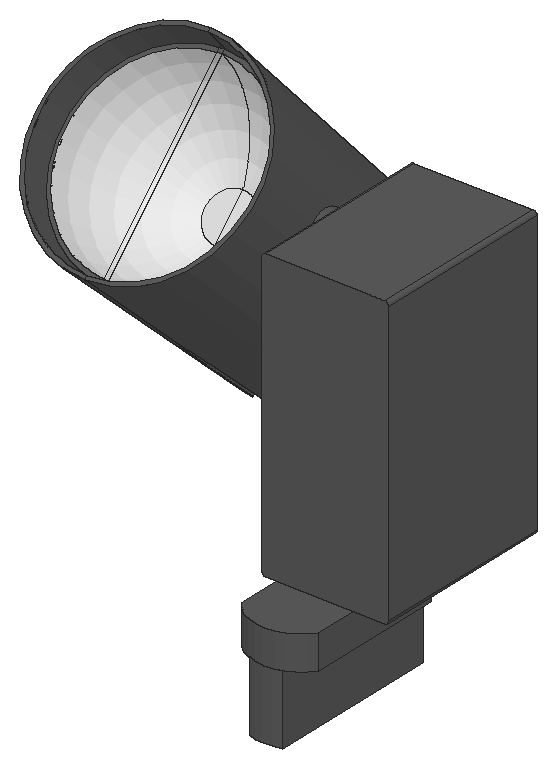
Revit family "0004895 Feilo Sylvania Lighting Fixture START TRACK SPOT S 14W 4K RA90 NB BLACK", category Lighting Fixtures, host Face, Revit 2017
Family settings
  Host = Face
  Round Connector Dimension = Use Diameter
  Part Type = Normal
  OmniClass Number = 23.80.70.00
  OmniClass Title = Lighting
  Cut with Voids When Loaded = No
  Light Source = No
  Shared = No
  Room Calculation Point = No
Parameters (values of type "0004895 START TRACK SPOT S 14W 4K RA90 NB BLACK")
  Weight = "0.94 kg"
  Wattage Comments = ""
  WarrantyStartDate [instance] = "n/a"
  WarrantyGuarantorParts = "n/a"
  WarrantyDurationUnit = "n/a"
  WarrantyDurationParts = "n/a"
  WarrantyDescription = "n/a"
  Voltage = 230 V
  URL = "http://www.sylvania-lighting.com"
  TypeName = "START TRACK SPOT S 14W 4K RA90 NB BLACK"
  TypeHead_FEILO = Start Track Spot Head : 0004895 START TRACK SPOT S 14W 4K RA90 NB BLACK
  TypeBox_FEILO = Start Track Spot Box : Type Small Black
  Type Image = <None>
  Type Comments = "n/a"
  VerticalRotation_FEILO [instance] = 0.00°
  SlideEndAngle_FEILO [instance] = VerticalRotation_FEILO + 180.00°  # 180.00°
  SerialNumber [instance] = "n/a"
  Material_3_FEILO = none
  PowerFactor = 0.92
  PowerConsumption = "14 W"
  NominalLength = 0 mm
  NominalHeight = 200 mm
  NominalDepth = 140 mm
  Name = "START TRACK SPOT S 14W 4K RA90 NB BLACK"
  ModelReference = Name  # "START TRACK SPOT S 14W 4K RA90 NB BLACK"
  ModelNumber = "0004895"
  Model = Name  # "START TRACK SPOT S 14W 4K RA90 NB BLACK"
  Material = "adc12 aluminium housing, polycarbonate diffuser"
  ManufacturerName = "Feilo Sylvania"
  Manufacturer = "Feilo Sylvania"
  LuminousEfficacy = "96 lm/W"
  LuminaireType = ""
  LightOutputRatio = "100"
  LampsType = Lamp  # "LED"
  LampNominalLuminous = "1349 lm"
  LampMacAdamStep = "3"
  LampColourTemperature = "4000 K"
  LampColourRenderingIndex = "90"
  Lamp = "LED"
  Keynote = "16500"
  InstallationDate [instance] = "n/a"
  InputVoltage = "230-240V~"
  InputNominalFrequency = "50/60 Hz"
  IngressProtection = "IP20"
  ImpactProtectionIndex = "IK02"
  IfcExportType = "IfcLightFixtureType"
  IfcExportAs = "IfcLightFixtureType"
  HorizontalRotation_FEILO [instance] = 45.00°
  ExpectedLife = 50000
  ElectricShockClassification = "Class II"
  DurationUnit = "hours"
  DocumentationLiterature = "http://www.sylvania-lighting.com/product/en-int/products/0004895"
  DimmingControlOptions = "Non dimmable"
  Material_2_FEILO = none
  Description = "Integrated LED spotlight, Textured Black - RAL9005, compact and minimalist design, ideal for retail applications, die-cast aluminium body, passive cooling heatsink. Beam angle: 12°, color temperature: 4000K , total system power: 14W, total fixture output: 1349 lm, LOR: 100%, colour rendering: Ra: 90 typical, LED Chromaticity: 3 step MacAdam ellipse, lifetime: >50000 hours at L70B50, energy class: A++, A+, A, IR/UV free light source without heat radiation, operating voltage: 220-240V / 50-60Hz, drive current: 350mA, electronic driver, non-dimmable, power factor: 0.92, electrical protection: Class II, Global Track 3 Phase adapter suitable for Global trac 3-circuit tracks, ingress protection rating: IP20, suitable for internal environment only, horizontal rotation: 355°, vertical tilt: 90°, dimensions: Ø86x140x200, weight: 0.940kg."
  Default Elevation = 1219.2 mm
  CreatedOn = "12/12/2017"
  CreatedBy = ""
  Cost = 0
  built-in parameter 1114216 [instance] = (empty or 0)
  ClassificationValue = "EF_70_80"
  ClassificationName = "Uniclass2015"
  Material_1_FEILO = Body-Sylvania-StartTrackSpot-Black
  BarCode [instance] = "n/a"
  AssetType = "Fixed"
  AssetIdentifier [instance] = "n/a"
  Assembly Code = "D5020200"
  Apparent Load = 14 VA
  Material_4_FEILO = none
Reference planes
  plane 1 "Center (Front/Back)": y = 0
  plane 2: z = 0
  plane 3 "Center (Left/Right)": x = 0
  plane 4: x = 15
  plane 5: x = -15
  plane 6: y = 35
  plane 7: y = -35
  plane 8: z = 13
  plane 9: z = -27
  plane 10: x = 6.5
  plane 11: x = -6.5
  plane 12: y = 27
  plane 13: y = -27
  plane 14: y = 20
Forms (mm)
  Extrusion 1, solid, material "Body-Sylvania-StartTrackSpot-Black" <- "Material_1_FEILO"
    sketch origin (0, 0, 0) x (1, 0, 0) y (0, 1, 0)
      loop
        line (-15, 27) -> (-15, -27)
        arc (-15, -27) -> (0, -35) -> (15, -27) r 18.062
        line (15, -27) -> (15, 27)
        arc (15, 27) -> (0, 35) -> (-15, 27) r 18.062
    from 0 to 13
  Extrusion 2, solid, material "Body-Sylvania-StartTrackSpot-Black" <- "Material_1_FEILO"
    sketch origin (0, 0, 0) x (1, 0, 0) y (0, 1, 0)
      loop
        arc (6.5, 33.79) -> (0, 35) -> (-6.5, 33.79) r 18.062
        line (-6.5, 33.79) -> (-6.5, -33.79)
        arc (-6.5, -33.79) -> (0, -35) -> (6.5, -33.79) r 18.062
        line (6.5, -33.79) -> (6.5, 33.79)
    from 0 to -27
  Revolve 3, solid, not visible
    sketch origin (1524, 20, 1219.2) x (1, 0, 0) y (0, 0, 1)
      loop
        line (-1524, -1206.2) -> (-1524, -1191.285) -> (-1530.5, -1191.285) -> (-1530.5, -1206.2) -> (-1524, -1206.2)
      axis (-1524, -1191.285) -> (-1524, -1206.2)
    angle from 0 <- "VerticalRotation_FEILO" to 180 <- "SlideEndAngle_FEILO"
Cuts and joins
  joined: Extrusion 1, Extrusion 2
Dimensions and locks
  equal spacing: plane 10, plane 3 "Center (Left/Right)", plane 11
  equal spacing: plane 4, plane 3 "Center (Left/Right)", plane 5
  locked: plane 8 to plane 2 at 13
  locked: plane 8 to plane 9 at 40
  equal spacing: plane 13, plane 1 "Center (Front/Back)", plane 12
  locked: plane 12 to plane 6 at 8
  locked: plane 14 to plane 6 at 15
  locked: Revolve 3 sketch curve to plane 8 at 14.915
  aligned and locked: plane 2 to host face
  aligned and locked: level to host face
  aligned and locked: plane 5 to Extrusion 1 sketch curve  (x2)
  aligned and locked: plane 12 to Extrusion 1 sketch curve
  aligned and locked: plane 13 to Extrusion 1 sketch curve
  aligned and locked: plane 4 to Extrusion 1 sketch curve
  aligned and locked: Extrusion 1 to plane 8
  aligned and locked: Extrusion 1 to level
  aligned and locked: Extrusion 2 sketch curve to Extrusion 1  (x2)
  aligned and locked: Extrusion 2 sketch curve to plane 11
  aligned and locked: plane 10 to Extrusion 2 sketch curve
  aligned and locked: plane 9 to Extrusion 2
  aligned and locked: level to Extrusion 2
  aligned and locked: Revolve 3 sketch curve to plane 3 "Center (Left/Right)"  (x2)
  aligned and locked: plane 11 to Revolve 3 sketch curve
  aligned and locked: Revolve 3 sketch curve to plane 8
Automatic sketch dimensions
  host sketch curve to host sketch curve = 2438.4 mm  (x2)
  Extrusion 1 sketch curve to plane 3 "Center (Left/Right)" = 0 mm  (x2)
  Extrusion 1 sketch curve to plane 13 = 10.062 mm
  plane 12 to Extrusion 1 sketch curve = 10.062 mm
  Revolve 3 sketch curve to plane 3 "Center (Left/Right)" = 0 mm
  plane 9 to Revolve 3 sketch curve = 582.6 mm
  Revolve 3 sketch curve to Revolve 3 sketch curve = 2581.144 mm
Nested families
  nested 1: "Start Track Spot Head" at (-62, 20, 112.529) x (0, 0.7071, 0.7071) z (0, 0.7071, -0.7071), type <- "TypeHead_FEILO", type "0004895 START TRACK SPOT S 14W 4K RA90 NB BLACK"
    with built-in parameter 1114216 (empty or 0)
  nested 2: "Start Track Spot Box" at (8.5, 20, 73) x (-1, 0, 0) z (0, -1, 0), BoxStartAngle_FEILO <- "HorizontalRotation_FEILO", type <- "TypeBox_FEILO", type "Type Small Black"
    with BoxStartAngle_FEILO 45.00°, BoxEndAngle_FEILO -135.00°
Connectors
  electrical at (0, 0, 0), driven by "Apparent Load", driven by "PowerFactor", driven by "Voltage"
    settings: index 1, voltage 230 V, apparent load 14 VA, apparent load phase1 0 VA, apparent load phase2 0 VA, apparent load phase3 0 VA, power factor 0.92, load classification "Lighting", number of poles 1, system type 30, power factor state 1, is connector primary yes, connector utility no, sub classification motor no, connector description ""
Definition of nested family "Start Track Spot Head"
  Parameters (values of type "0004811 START TRACK SPOT S 14W 3K RA80 NB WHITE")
    Wattage Comments = "n/a"
    Wattage = 14 W
    built-in parameter 1150110 = 1 (stored number, unit not read)
    URL = "http://www.feilosylvania.com"
    Type Image = (empty or 0)
    Type Comments = "n/a"
    built-in parameter 1114217 = 1 (stored number, unit not read)
    Tilt Angle = -90.00°
    built-in parameter 1150109 = 1 (stored number, unit not read)
    built-in parameter 1150134 = (empty or 0)
    built-in parameter 1150113 = 1 (stored number, unit not read)
    Photometric Web File = "0004811.ies"
    Material_3_FEILO = none
    Model = "START TRACK SPOT S 14W 3K RA80 NB WHITE"
    Manufacturer = "Feilo Sylvania"
    built-in parameter 1150105 = 123.66 (stored number, unit not read)
    Lumens = 1554 lm
    built-in parameter 1150115 = 1 (stored number, unit not read)
    built-in parameter 1150137 = (empty or 0)
    built-in parameter 1150139 = (empty or 0)
    built-in parameter 1150112 = 1 (stored number, unit not read)
    built-in parameter 1150114 = 1 (stored number, unit not read)
    Lamp = "LED"
    Keynote = "16500"
    Material_2_FEILO = none
    built-in parameter 1150132 = (empty or 0)
    built-in parameter 1150102 = (empty or 0)
    built-in parameter 1150107 = 3000 (stored number, unit not read)
    built-in parameter 1150138 = (empty or 0)
    built-in parameter 1150106 = 1.2366 (stored number, unit not read)
    HeadThickness_FEILO = if(HeadDiaOut_FEILO > 112 mm, 2 mm, 1.5 mm)  # 1.5 mm
    HeadRibOffset_FEILO = HeadHeight_FEILO / 28  # 4.179 mm
    HeadRibDepth_FEILO = HeadHeight_FEILO / 2.1  # 55.714 mm
    HeadRibCutWidth_FEILO = HeadDiaOut_FEILO / 12  # 7.167 mm
    HeadRibCutOffset_FEILO = HeadHeight_FEILO / 2.3  # 50.87 mm
    HeadReflectorRadius_FEILO = HeadDiaOut_FEILO / 1.7  # 50.588 mm
    HeadReflectorOffset_FEILO = HeadHeight_FEILO / 2.1  # 55.714 mm
    HeadLEDRadius_FEILO = HeadDiaOut_FEILO / 9  # 9.556 mm
    HeadHeight_FEILO = 117 mm
    HeadDraft_FEILO = 1 mm
    HeadDiffusorThickness_FEILO = 3 mm
    HeadDiffusorOffset_FEILO = HeadHeight_FEILO / 12.4  # 9.435 mm
    HeadDiaOut_FEILO = 86 mm
    HeadDiaIn_FEILO = HeadDiaOut_FEILO / 1.11  # 77.477 mm
    HeadAxisFromTop_FEILO = HeadHeight_FEILO / 1.687  # 69.354 mm
    Emit from Circle Diameter = HeadDiaIn_FEILO  # 77.477 mm
    Emit Shape Visible in Rendering = no
    built-in parameter 1150104 = 10.312 (stored number, unit not read)
    Dimming Lamp Color Temperature Shift = (empty or 0)
    Description = "Integrated LED spotlight, Textured White - RAL9016, compact and minimalist design, ideal for retail applications, die-cast aluminium body, passive cooling heatsink. Beam angle: 12°, color temperature: 3000K , total system power: 14W, total fixture output: 1551 lm, LOR: 100%, colour rendering: Ra: 80 typical, LED Chromaticity: 3 step MacAdam ellipse, lifetime: >50000 hours at L70B50, energy class: A++, A+, A, IR/UV free light source without heat radiation, operating voltage: 220-240V / 50-60Hz, drive current: 350mA, electronic driver, non-dimmable, power factor: 0.92, electrical protection: Class II, Global Track 3 Phase adapter suitable for Global trac 3-circuit tracks, ingress protection rating: IP20, suitable for internal environment only, horizontal rotation: 355°, vertical tilt: 90°, dimensions: Ø86x140x200, weight: 0.940kg."
    Default Elevation = 1219.2 mm
    Cost = 0
    Color Filter = 16777215
    built-in parameter 1114216 [instance] = (empty or 0)
    Material_1_FEILO = none
    built-in parameter 1114218 = 1 (stored number, unit not read)
    built-in parameter 1150133 = 10 (stored number, unit not read)
    Assembly Code = "D5020200"
    Apparent Load = 14 VA
    Material_4_FEILO = none
  Types (96, lengths in mm): name | Wattage | built-in parameter 1150134 | Photometric Web File | Model | built-in parameter 1150105 | Lumens | built-in parameter 1150107 | built-in parameter 1150106 | HeadThickness_FEILO | HeadRibOffset_FEILO | HeadRibDepth_FEILO | HeadRibCutWidth_FEILO | HeadRibCutOffset_FEILO | HeadReflectorRadius_FEILO | HeadReflectorOffset_FEILO | HeadLEDRadius_FEILO | HeadHeight_FEILO | HeadDiffusorOffset_FEILO | HeadDiaOut_FEILO | HeadDiaIn_FEILO | HeadAxisFromTop_FEILO | Emit from Circle Diameter | built-in parameter 1150104 | Description | Apparent Load
    0004906 START TRACK SPOT L 55W 4K RA90 WB BLACK | 55 W | 12 | "0004906.ies" | "START TRACK SPOT L 55W 4K RA90 WB BLACK" | 385.15 (stored number, unit not read) | 4840 lm | 4000 (stored number, unit not read) | 3.8515 (stored number, unit not read) | 2 | 4.429 | 59.048 | 9.417 | 53.913 | 66.471 | 59.048 | 12.556 | 124 | 10 | 113 | 101.802 | 73.503 | 101.802 | 8.1755 (stored number, unit not read) | "Integrated LED spotlight, Textured Black - RAL9005, compact and minimalist design, ideal for retail applications, die-cast aluminium body, passive cooling heatsink. Beam angle: 52°, color temperature: 4000K , total system power: 55W, total fixture output: 4824 lm, LOR: 100%, colour rendering: Ra: 90 typical, LED Chromaticity: 3 step MacAdam ellipse, lifetime: >50000 hours at L70B50, energy class: A++, A+, A, IR/UV free light source without heat radiation, operating voltage: 220-240V / 50-60Hz, drive current: 1400mA, electronic driver, non-dimmable, power factor: 0.96, electrical protection: Class II, Global Track 3 Phase adapter suitable for Global trac 3-circuit tracks, ingress protection rating: IP20, suitable for internal environment only, horizontal rotation: 355°, vertical tilt: 90°, dimensions: Ø113x164x240, weight: 1.398kg." | 55 VA
    0004905 START TRACK SPOT L 55W 4K RA90 MB BLACK | 55 W | 12 | "0004905.ies" | "START TRACK SPOT L 55W 4K RA90 MB BLACK" | 389.53 (stored number, unit not read) | 4895 lm | 4000 (stored number, unit not read) | 3.8953 (stored number, unit not read) | 2 | 4.429 | 59.048 | 9.417 | 53.913 | 66.471 | 59.048 | 12.556 | 124 | 10 | 113 | 101.802 | 73.503 | 101.802 | 8.2684 (stored number, unit not read) | "Integrated LED spotlight, Textured Black - RAL9005, compact and minimalist design, ideal for retail applications, die-cast aluminium body, passive cooling heatsink. Beam angle: 38°, color temperature: 4000K , total system power: 55W, total fixture output: 4897 lm, LOR: 100%, colour rendering: Ra: 90 typical, LED Chromaticity: 3 step MacAdam ellipse, lifetime: >50000 hours at L70B50, energy class: A++, A+, A, IR/UV free light source without heat radiation, operating voltage: 220-240V / 50-60Hz, drive current: 1400mA, electronic driver, non-dimmable, power factor: 0.96, electrical protection: Class II, Global Track 3 Phase adapter suitable for Global trac 3-circuit tracks, ingress protection rating: IP20, suitable for internal environment only, horizontal rotation: 355°, vertical tilt: 90°, dimensions: Ø113x164x240, weight: 1.398kg." | 55 VA
    0004904 START TRACK SPOT L 55W 4K RA90 NB BLACK | 55 W | 12 | "0004904.ies" | "START TRACK SPOT L 55W 4K RA90 NB BLACK" | 393.91 (stored number, unit not read) | 4950 lm | 4000 (stored number, unit not read) | 3.9391 (stored number, unit not read) | 2 | 4.429 | 59.048 | 9.417 | 53.913 | 66.471 | 59.048 | 12.556 | 124 | 10 | 113 | 101.802 | 73.503 | 101.802 | 8.3613 (stored number, unit not read) | "Integrated LED spotlight, Textured Black - RAL9005, compact and minimalist design, ideal for retail applications, die-cast aluminium body, passive cooling heatsink. Beam angle: 15°, color temperature: 4000K , total system power: 55W, total fixture output: 4965 lm, LOR: 100%, colour rendering: Ra: 90 typical, LED Chromaticity: 3 step MacAdam ellipse, lifetime: >50000 hours at L70B50, energy class: A++, A+, A, IR/UV free light source without heat radiation, operating voltage: 220-240V / 50-60Hz, drive current: 1400mA, electronic driver, non-dimmable, power factor: 0.96, electrical protection: Class II, Global Track 3 Phase adapter suitable for Global trac 3-circuit tracks, ingress protection rating: IP20, suitable for internal environment only, horizontal rotation: 355°, vertical tilt: 90°, dimensions: Ø113x164x240, weight: 1.398kg." | 55 VA
    0004903 START TRACK SPOT L 35W 4K RA90 WB BLACK | 35 W | 12 | "0004903.ies" | "START TRACK SPOT L 35W 4K RA90 WB BLACK" | 284.09 (stored number, unit not read) | 3570 lm | 4000 (stored number, unit not read) | 2.8409 (stored number, unit not read) | 2 | 4.429 | 59.048 | 9.417 | 53.913 | 66.471 | 59.048 | 12.556 | 124 | 10 | 113 | 101.802 | 73.503 | 101.802 | 9.4761 (stored number, unit not read) | "Integrated LED spotlight, Textured Black - RAL9005, compact and minimalist design, ideal for retail applications, die-cast aluminium body, passive cooling heatsink. Beam angle: 52°, color temperature: 4000K , total system power: 35W, total fixture output: 3562 lm, LOR: 100%, colour rendering: Ra: 90 typical, LED Chromaticity: 3 step MacAdam ellipse, lifetime: >50000 hours at L70B50, energy class: A++, A+, A, IR/UV free light source without heat radiation, operating voltage: 220-240V / 50-60Hz, drive current: 900mA, electronic driver, non-dimmable, power factor: 0.93, electrical protection: Class II, Global Track 3 Phase adapter suitable for Global trac 3-circuit tracks, ingress protection rating: IP20, suitable for internal environment only, horizontal rotation: 355°, vertical tilt: 90°, dimensions: Ø113x164x240, weight: 1.368kg." | 35 VA
    0004902 START TRACK SPOT L 35W 4K RA90 MB BLACK | 35 W | 12 | "0004902.ies" | "START TRACK SPOT L 35W 4K RA90 MB BLACK" | 286.88 (stored number, unit not read) | 3605 lm | 4000 (stored number, unit not read) | 2.8688 (stored number, unit not read) | 2 | 4.429 | 59.048 | 9.417 | 53.913 | 66.471 | 59.048 | 12.556 | 124 | 10 | 113 | 101.802 | 73.503 | 101.802 | 9.569 (stored number, unit not read) | "Integrated LED spotlight, Textured Black - RAL9005, compact and minimalist design, ideal for retail applications, die-cast aluminium body, passive cooling heatsink. Beam angle: 38°, color temperature: 4000K , total system power: 35W, total fixture output: 3616 lm, LOR: 100%, colour rendering: Ra: 90 typical, LED Chromaticity: 3 step MacAdam ellipse, lifetime: >50000 hours at L70B50, energy class: A++, A+, A, IR/UV free light source without heat radiation, operating voltage: 220-240V / 50-60Hz, drive current: 900mA, electronic driver, non-dimmable, power factor: 0.93, electrical protection: Class II, Global Track 3 Phase adapter suitable for Global trac 3-circuit tracks, ingress protection rating: IP20, suitable for internal environment only, horizontal rotation: 355°, vertical tilt: 90°, dimensions: Ø113x164x240, weight: 1.368kg." | 35 VA
    0004901 START TRACK SPOT L 35W 4K RA90 NB BLACK | 35 W | 12 | "0004901.ies" | "START TRACK SPOT L 35W 4K RA90 NB BLACK" | 286.88 (stored number, unit not read) | 3605 lm | 4000 (stored number, unit not read) | 2.8688 (stored number, unit not read) | 2 | 4.429 | 59.048 | 9.417 | 53.913 | 66.471 | 59.048 | 12.556 | 124 | 10 | 113 | 101.802 | 73.503 | 101.802 | 9.569 (stored number, unit not read) | "Integrated LED spotlight, Textured Black - RAL9005, compact and minimalist design, ideal for retail applications, die-cast aluminium body, passive cooling heatsink. Beam angle: 15°, color temperature: 4000K , total system power: 35W, total fixture output: 3593 lm, LOR: 100%, colour rendering: Ra: 90 typical, LED Chromaticity: 3 step MacAdam ellipse, lifetime: >50000 hours at L70B50, energy class: A++, A+, A, IR/UV free light source without heat radiation, operating voltage: 220-240V / 50-60Hz, drive current: 900mA, electronic driver, non-dimmable, power factor: 0.93, electrical protection: Class II, Global Track 3 Phase adapter suitable for Global trac 3-circuit tracks, ingress protection rating: IP20, suitable for internal environment only, horizontal rotation: 355°, vertical tilt: 90°, dimensions: Ø113x164x240, weight: 1.368kg." | 35 VA
    0004900 START TRACK SPOT S 24W 4K RA90 WB BLACK | 24 W | 12 | "0004900.ies" | "START TRACK SPOT S 24W 4K RA90 WB BLACK" | 166.16 (stored number, unit not read) | 2088 lm | 4000 (stored number, unit not read) | 1.6616 (stored number, unit not read) | 1.5 | 4.179 | 55.714 | 7.167 | 50.87 | 50.588 | 55.714 | 9.556 | 117 | 9.435 | 86 | 77.477 | 69.354 | 77.477 | 8.0826 (stored number, unit not read) | "Integrated LED spotlight, Textured Black - RAL9005, compact and minimalist design, ideal for retail applications, die-cast aluminium body, passive cooling heatsink. Beam angle: 64°, color temperature: 4000K , total system power: 24W, total fixture output: 2087 lm, LOR: 100%, colour rendering: Ra: 90 typical, LED Chromaticity: 3 step MacAdam ellipse, lifetime: >50000 hours at L70B50, energy class: A++, A+, A, IR/UV free light source without heat radiation, operating voltage: 220-240V / 50-60Hz, drive current: 600mA, electronic driver, non-dimmable, power factor: 0.95, electrical protection: Class II, Global Track 3 Phase adapter suitable for Global trac 3-circuit tracks, ingress protection rating: IP20, suitable for internal environment only, horizontal rotation: 355°, vertical tilt: 90°, dimensions: Ø86x140x200, weight: 0.966kg." | 24 VA
    0004899 START TRACK SPOT S 24W 4K RA90 MB BLACK | 24 W | 12 | "0004899.ies" | "START TRACK SPOT S 24W 4K RA90 MB BLACK" | 169.98 (stored number, unit not read) | 2136 lm | 4000 (stored number, unit not read) | 1.6998 (stored number, unit not read) | 1.5 | 4.179 | 55.714 | 7.167 | 50.87 | 50.588 | 55.714 | 9.556 | 117 | 9.435 | 86 | 77.477 | 69.354 | 77.477 | 8.2684 (stored number, unit not read) | "Integrated LED spotlight, Textured Black - RAL9005, compact and minimalist design, ideal for retail applications, die-cast aluminium body, passive cooling heatsink. Beam angle: 36°, color temperature: 4000K , total system power: 24W, total fixture output: 2141 lm, LOR: 100%, colour rendering: Ra: 90 typical, LED Chromaticity: 3 step MacAdam ellipse, lifetime: >50000 hours at L70B50, energy class: A++, A+, A, IR/UV free light source without heat radiation, operating voltage: 220-240V / 50-60Hz, drive current: 600mA, electronic driver, non-dimmable, power factor: 0.95, electrical protection: Class II, Global Track 3 Phase adapter suitable for Global trac 3-circuit tracks, ingress protection rating: IP20, suitable for internal environment only, horizontal rotation: 355°, vertical tilt: 90°, dimensions: Ø86x140x200, weight: 0.966kg." | 24 VA
    0004898 START TRACK SPOT S 24W 4K RA90 NB BLACK | 24 W | 12 | "0004898.ies" | "START TRACK SPOT S 24W 4K RA90 NB BLACK" | 171.89 (stored number, unit not read) | 2160 lm | 4000 (stored number, unit not read) | 1.7189 (stored number, unit not read) | 1.5 | 4.179 | 55.714 | 7.167 | 50.87 | 50.588 | 55.714 | 9.556 | 117 | 9.435 | 86 | 77.477 | 69.354 | 77.477 | 8.3613 (stored number, unit not read) | "Integrated LED spotlight, Textured Black - RAL9005, compact and minimalist design, ideal for retail applications, die-cast aluminium body, passive cooling heatsink. Beam angle: 12°, color temperature: 4000K , total system power: 24W, total fixture output: 2155 lm, LOR: 100%, colour rendering: Ra: 90 typical, LED Chromaticity: 3 step MacAdam ellipse, lifetime: >50000 hours at L70B50, energy class: A++, A+, A, IR/UV free light source without heat radiation, operating voltage: 220-240V / 50-60Hz, drive current: 600mA, electronic driver, non-dimmable, power factor: 0.95, electrical protection: Class II, Global Track 3 Phase adapter suitable for Global trac 3-circuit tracks, ingress protection rating: IP20, suitable for internal environment only, horizontal rotation: 355°, vertical tilt: 90°, dimensions: Ø86x140x200, weight: 0.966kg." | 24 VA
    0004897 START TRACK SPOT S 14W 4K RA90 WB BLACK | 14 W | 12 | "0004897.ies" | "START TRACK SPOT S 14W 4K RA90 WB BLACK" | 108.07 (stored number, unit not read) | 1358 lm | 4000 (stored number, unit not read) | 1.0807 (stored number, unit not read) | 1.5 | 4.179 | 55.714 | 7.167 | 50.87 | 50.588 | 55.714 | 9.556 | 117 | 9.435 | 86 | 77.477 | 69.354 | 77.477 | 9.0116 (stored number, unit not read) | "Integrated LED spotlight, Textured Black - RAL9005, compact and minimalist design, ideal for retail applications, die-cast aluminium body, passive cooling heatsink. Beam angle: 64°, color temperature: 4000K , total system power: 14W, total fixture output: 1352 lm, LOR: 100%, colour rendering: Ra: 90 typical, LED Chromaticity: 3 step MacAdam ellipse, lifetime: >50000 hours at L70B50, energy class: A++, A+, A, IR/UV free light source without heat radiation, operating voltage: 220-240V / 50-60Hz, drive current: 350mA, electronic driver, non-dimmable, power factor: 0.92, electrical protection: Class II, Global Track 3 Phase adapter suitable for Global trac 3-circuit tracks, ingress protection rating: IP20, suitable for internal environment only, horizontal rotation: 355°, vertical tilt: 90°, dimensions: Ø86x140x200, weight: 0.940kg." | 14 VA
    0004896 START TRACK SPOT S 14W 4K RA90 MB BLACK | 14 W | 12 | "0004896.ies" | "START TRACK SPOT S 14W 4K RA90 MB BLACK" | 108.07 (stored number, unit not read) | 1358 lm | 4000 (stored number, unit not read) | 1.0807 (stored number, unit not read) | 1.5 | 4.179 | 55.714 | 7.167 | 50.87 | 50.588 | 55.714 | 9.556 | 117 | 9.435 | 86 | 77.477 | 69.354 | 77.477 | 9.0116 (stored number, unit not read) | "Integrated LED spotlight, Textured Black - RAL9005, compact and minimalist design, ideal for retail applications, die-cast aluminium body, passive cooling heatsink. Beam angle: 36°, color temperature: 4000K , total system power: 14W, total fixture output: 1359 lm, LOR: 100%, colour rendering: Ra: 90 typical, LED Chromaticity: 3 step MacAdam ellipse, lifetime: >50000 hours at L70B50, energy class: A++, A+, A, IR/UV free light source without heat radiation, operating voltage: 220-240V / 50-60Hz, drive current: 350mA, electronic driver, non-dimmable, power factor: 0.92, electrical protection: Class II, Global Track 3 Phase adapter suitable for Global trac 3-circuit tracks, ingress protection rating: IP20, suitable for internal environment only, horizontal rotation: 355°, vertical tilt: 90°, dimensions: Ø86x140x200, weight: 0.940kg." | 14 VA
    0004895 START TRACK SPOT S 14W 4K RA90 NB BLACK | 14 W | 12 | "0004895.ies" | "START TRACK SPOT S 14W 4K RA90 NB BLACK" | 106.95 (stored number, unit not read) | 1344 lm | 4000 (stored number, unit not read) | 1.0695 (stored number, unit not read) | 1.5 | 4.179 | 55.714 | 7.167 | 50.87 | 50.588 | 55.714 | 9.556 | 117 | 9.435 | 86 | 77.477 | 69.354 | 77.477 | 8.9187 (stored number, unit not read) | "Integrated LED spotlight, Textured Black - RAL9005, compact and minimalist design, ideal for retail applications, die-cast aluminium body, passive cooling heatsink. Beam angle: 12°, color temperature: 4000K , total system power: 14W, total fixture output: 1349 lm, LOR: 100%, colour rendering: Ra: 90 typical, LED Chromaticity: 3 step MacAdam ellipse, lifetime: >50000 hours at L70B50, energy class: A++, A+, A, IR/UV free light source without heat radiation, operating voltage: 220-240V / 50-60Hz, drive current: 350mA, electronic driver, non-dimmable, power factor: 0.92, electrical protection: Class II, Global Track 3 Phase adapter suitable for Global trac 3-circuit tracks, ingress protection rating: IP20, suitable for internal environment only, horizontal rotation: 355°, vertical tilt: 90°, dimensions: Ø86x140x200, weight: 0.940kg." | 14 VA
    0004894 START TRACK SPOT L 55W 3K RA90 WB BLACK | 55 W | (empty or 0) | "0004894.ies" | "START TRACK SPOT L 55W 3K RA90 WB BLACK" | 350.14 (stored number, unit not read) | 4400 lm | 3000 (stored number, unit not read) | 3.5014 (stored number, unit not read) | 2 | 4.429 | 59.048 | 9.417 | 53.913 | 66.471 | 59.048 | 12.556 | 124 | 10 | 113 | 101.802 | 73.503 | 101.802 | 7.4322 (stored number, unit not read) | "Integrated LED spotlight, Textured Black - RAL9005, compact and minimalist design, ideal for retail applications, die-cast aluminium body, passive cooling heatsink. Beam angle: 52°, color temperature: 3000K , total system power: 55W, total fixture output: 4405 lm, LOR: 100%, colour rendering: Ra: 90 typical, LED Chromaticity: 3 step MacAdam ellipse, lifetime: >50000 hours at L70B50, energy class: A++, A+, A, IR/UV free light source without heat radiation, operating voltage: 220-240V / 50-60Hz, drive current: 1400mA, electronic driver, non-dimmable, power factor: 0.96, electrical protection: Class II, Global Track 3 Phase adapter suitable for Global trac 3-circuit tracks, ingress protection rating: IP20, suitable for internal environment only, horizontal rotation: 355°, vertical tilt: 90°, dimensions: Ø113x164x240, weight: 1.398kg." | 55 VA
    0004893 START TRACK SPOT L 55W 3K RA90 MB BLACK | 55 W | (empty or 0) | "0004893.ies" | "START TRACK SPOT L 55W 3K RA90 MB BLACK" | 354.52 (stored number, unit not read) | 4455 lm | 3000 (stored number, unit not read) | 3.5452 (stored number, unit not read) | 2 | 4.429 | 59.048 | 9.417 | 53.913 | 66.471 | 59.048 | 12.556 | 124 | 10 | 113 | 101.802 | 73.503 | 101.802 | 7.5251 (stored number, unit not read) | "Integrated LED spotlight, Textured Black - RAL9005, compact and minimalist design, ideal for retail applications, die-cast aluminium body, passive cooling heatsink. Beam angle: 38°, color temperature: 3000K , total system power: 55W, total fixture output: 4448 lm, LOR: 100%, colour rendering: Ra: 90 typical, LED Chromaticity: 3 step MacAdam ellipse, lifetime: >50000 hours at L70B50, energy class: A++, A+, A, IR/UV free light source without heat radiation, operating voltage: 220-240V / 50-60Hz, drive current: 1400mA, electronic driver, non-dimmable, power factor: 0.96, electrical protection: Class II, Global Track 3 Phase adapter suitable for Global trac 3-circuit tracks, ingress protection rating: IP20, suitable for internal environment only, horizontal rotation: 355°, vertical tilt: 90°, dimensions: Ø113x164x240, weight: 1.398kg." | 55 VA
    0004892 START TRACK SPOT L 55W 3K RA90 NB BLACK | 55 W | (empty or 0) | "0004892.ies" | "START TRACK SPOT L 55W 3K RA90 NB BLACK" | 350.14 (stored number, unit not read) | 4400 lm | 3000 (stored number, unit not read) | 3.5014 (stored number, unit not read) | 2 | 4.429 | 59.048 | 9.417 | 53.913 | 66.471 | 59.048 | 12.556 | 124 | 10 | 113 | 101.802 | 73.503 | 101.802 | 7.4322 (stored number, unit not read) | "Integrated LED spotlight, Textured Black - RAL9005, compact and minimalist design, ideal for retail applications, die-cast aluminium body, passive cooling heatsink. Beam angle: 15°, color temperature: 3000K , total system power: 55W, total fixture output: 4416 lm, LOR: 100%, colour rendering: Ra: 90 typical, LED Chromaticity: 3 step MacAdam ellipse, lifetime: >50000 hours at L70B50, energy class: A++, A+, A, IR/UV free light source without heat radiation, operating voltage: 220-240V / 50-60Hz, drive current: 1400mA, electronic driver, non-dimmable, power factor: 0.96, electrical protection: Class II, Global Track 3 Phase adapter suitable for Global trac 3-circuit tracks, ingress protection rating: IP20, suitable for internal environment only, horizontal rotation: 355°, vertical tilt: 90°, dimensions: Ø113x164x240, weight: 1.398kg." | 55 VA
    0004891 START TRACK SPOT L 35W 3K RA90 WB BLACK | 35 W | (empty or 0) | "0004891.ies" | "START TRACK SPOT L 35W 3K RA90 WB BLACK" | 259.02 (stored number, unit not read) | 3255 lm | 3000 (stored number, unit not read) | 2.5902 (stored number, unit not read) | 2 | 4.429 | 59.048 | 9.417 | 53.913 | 66.471 | 59.048 | 12.556 | 124 | 10 | 113 | 101.802 | 73.503 | 101.802 | 8.64 (stored number, unit not read) | "Integrated LED spotlight, Textured Black - RAL9005, compact and minimalist design, ideal for retail applications, die-cast aluminium body, passive cooling heatsink. Beam angle: 52°, color temperature: 3000K , total system power: 35W, total fixture output: 3260 lm, LOR: 100%, colour rendering: Ra: 90 typical, LED Chromaticity: 3 step MacAdam ellipse, lifetime: >50000 hours at L70B50, energy class: A++, A+, A, IR/UV free light source without heat radiation, operating voltage: 220-240V / 50-60Hz, drive current: 900mA, electronic driver, non-dimmable, power factor: 0.93, electrical protection: Class II, Global Track 3 Phase adapter suitable for Global trac 3-circuit tracks, ingress protection rating: IP20, suitable for internal environment only, horizontal rotation: 355°, vertical tilt: 90°, dimensions: Ø113x164x240, weight: 1.368kg." | 35 VA
    0004890 START TRACK SPOT L 35W 3K RA90 MB BLACK | 35 W | (empty or 0) | "0004890.ies" | "START TRACK SPOT L 35W 3K RA90 MB BLACK" | 261.81 (stored number, unit not read) | 3290 lm | 3000 (stored number, unit not read) | 2.6181 (stored number, unit not read) | 2 | 4.429 | 59.048 | 9.417 | 53.913 | 66.471 | 59.048 | 12.556 | 124 | 10 | 113 | 101.802 | 73.503 | 101.802 | 8.7329 (stored number, unit not read) | "Integrated LED spotlight, Textured Black - RAL9005, compact and minimalist design, ideal for retail applications, die-cast aluminium body, passive cooling heatsink. Beam angle: 38°, color temperature: 3000K , total system power: 35W, total fixture output: 3306 lm, LOR: 100%, colour rendering: Ra: 90 typical, LED Chromaticity: 3 step MacAdam ellipse, lifetime: >50000 hours at L70B50, energy class: A++, A+, A, IR/UV free light source without heat radiation, operating voltage: 220-240V / 50-60Hz, drive current: 900mA, electronic driver, non-dimmable, power factor: 0.93, electrical protection: Class II, Global Track 3 Phase adapter suitable for Global trac 3-circuit tracks, ingress protection rating: IP20, suitable for internal environment only, horizontal rotation: 355°, vertical tilt: 90°, dimensions: Ø113x164x240, weight: 1.368kg." | 35 VA
    0004889 START TRACK SPOT L 35W 3K RA90 NB BLACK | 35 W | (empty or 0) | "0004889.ies" | "START TRACK SPOT L 35W 3K RA90 NB BLACK" | 261.81 (stored number, unit not read) | 3290 lm | 3000 (stored number, unit not read) | 2.6181 (stored number, unit not read) | 2 | 4.429 | 59.048 | 9.417 | 53.913 | 66.471 | 59.048 | 12.556 | 124 | 10 | 113 | 101.802 | 73.503 | 101.802 | 8.7329 (stored number, unit not read) | "Integrated LED spotlight, Textured Black - RAL9005, compact and minimalist design, ideal for retail applications, die-cast aluminium body, passive cooling heatsink. Beam angle: 15°, color temperature: 3000K , total system power: 35W, total fixture output: 3287 lm, LOR: 100%, colour rendering: Ra: 90 typical, LED Chromaticity: 3 step MacAdam ellipse, lifetime: >50000 hours at L70B50, energy class: A++, A+, A, IR/UV free light source without heat radiation, operating voltage: 220-240V / 50-60Hz, drive current: 900mA, electronic driver, non-dimmable, power factor: 0.93, electrical protection: Class II, Global Track 3 Phase adapter suitable for Global trac 3-circuit tracks, ingress protection rating: IP20, suitable for internal environment only, horizontal rotation: 355°, vertical tilt: 90°, dimensions: Ø113x164x240, weight: 1.368kg." | 35 VA
    0004888 START TRACK SPOT S 24W 3K RA90 WB BLACK | 24 W | (empty or 0) | "0004888.ies" | "START TRACK SPOT S 24W 3K RA90 WB BLACK" | 152.79 (stored number, unit not read) | 1920 lm | 3000 (stored number, unit not read) | 1.5279 (stored number, unit not read) | 1.5 | 4.179 | 55.714 | 7.167 | 50.87 | 50.588 | 55.714 | 9.556 | 117 | 9.435 | 86 | 77.477 | 69.354 | 77.477 | 7.4322 (stored number, unit not read) | "Integrated LED spotlight, Textured Black - RAL9005, compact and minimalist design, ideal for retail applications, die-cast aluminium body, passive cooling heatsink. Beam angle: 64°, color temperature: 3000K , total system power: 24W, total fixture output: 1928 lm, LOR: 100%, colour rendering: Ra: 90 typical, LED Chromaticity: 3 step MacAdam ellipse, lifetime: >50000 hours at L70B50, energy class: A++, A+, A, IR/UV free light source without heat radiation, operating voltage: 220-240V / 50-60Hz, drive current: 600mA, electronic driver, non-dimmable, power factor: 0.95, electrical protection: Class II, Global Track 3 Phase adapter suitable for Global trac 3-circuit tracks, ingress protection rating: IP20, suitable for internal environment only, horizontal rotation: 355°, vertical tilt: 90°, dimensions: Ø86x140x200, weight: 0.966kg." | 24 VA
    0004887 START TRACK SPOT S 24W 3K RA90 MB BLACK | 24 W | (empty or 0) | "0004887.ies" | "START TRACK SPOT S 24W 3K RA90 MB BLACK" | 154.7 (stored number, unit not read) | 1944 lm | 3000 (stored number, unit not read) | 1.547 (stored number, unit not read) | 1.5 | 4.179 | 55.714 | 7.167 | 50.87 | 50.588 | 55.714 | 9.556 | 117 | 9.435 | 86 | 77.477 | 69.354 | 77.477 | 7.5251 (stored number, unit not read) | "Integrated LED spotlight, Textured Black - RAL9005, compact and minimalist design, ideal for retail applications, die-cast aluminium body, passive cooling heatsink. Beam angle: 36°, color temperature: 3000K , total system power: 24W, total fixture output: 1944 lm, LOR: 100%, colour rendering: Ra: 90 typical, LED Chromaticity: 3 step MacAdam ellipse, lifetime: >50000 hours at L70B50, energy class: A++, A+, A, IR/UV free light source without heat radiation, operating voltage: 220-240V / 50-60Hz, drive current: 600mA, electronic driver, non-dimmable, power factor: 0.95, electrical protection: Class II, Global Track 3 Phase adapter suitable for Global trac 3-circuit tracks, ingress protection rating: IP20, suitable for internal environment only, horizontal rotation: 355°, vertical tilt: 90°, dimensions: Ø86x140x200, weight: 0.966kg." | 24 VA
    0004886 START TRACK SPOT S 24W 3K RA90 NB BLACK | 24 W | (empty or 0) | "0004886.ies" | "START TRACK SPOT S 24W 3K RA90 NB BLACK" | 158.52 (stored number, unit not read) | 1992 lm | 3000 (stored number, unit not read) | 1.5852 (stored number, unit not read) | 1.5 | 4.179 | 55.714 | 7.167 | 50.87 | 50.588 | 55.714 | 9.556 | 117 | 9.435 | 86 | 77.477 | 69.354 | 77.477 | 7.711 (stored number, unit not read) | "Integrated LED spotlight, Textured Black - RAL9005, compact and minimalist design, ideal for retail applications, die-cast aluminium body, passive cooling heatsink. Beam angle: 12°, color temperature: 3000K , total system power: 24W, total fixture output: 1987 lm, LOR: 100%, colour rendering: Ra: 90 typical, LED Chromaticity: 3 step MacAdam ellipse, lifetime: >50000 hours at L70B50, energy class: A++, A+, A, IR/UV free light source without heat radiation, operating voltage: 220-240V / 50-60Hz, drive current: 600mA, electronic driver, non-dimmable, power factor: 0.95, electrical protection: Class II, Global Track 3 Phase adapter suitable for Global trac 3-circuit tracks, ingress protection rating: IP20, suitable for internal environment only, horizontal rotation: 355°, vertical tilt: 90°, dimensions: Ø86x140x200, weight: 0.966kg." | 24 VA
    0004885 START TRACK SPOT S 14W 3K RA90 WB BLACK | 14 W | (empty or 0) | "0004885.ies" | "START TRACK SPOT S 14W 3K RA90 WB BLACK" | 100.27 (stored number, unit not read) | 1260 lm | 3000 (stored number, unit not read) | 1.0027 (stored number, unit not read) | 1.5 | 4.179 | 55.714 | 7.167 | 50.87 | 50.588 | 55.714 | 9.556 | 117 | 9.435 | 86 | 77.477 | 69.354 | 77.477 | 8.3613 (stored number, unit not read) | "Integrated LED spotlight, Textured Black - RAL9005, compact and minimalist design, ideal for retail applications, die-cast aluminium body, passive cooling heatsink. Beam angle: 64°, color temperature: 3000K , total system power: 14W, total fixture output: 1262 lm, LOR: 100%, colour rendering: Ra: 90 typical, LED Chromaticity: 3 step MacAdam ellipse, lifetime: >50000 hours at L70B50, energy class: A++, A+, A, IR/UV free light source without heat radiation, operating voltage: 220-240V / 50-60Hz, drive current: 350mA, electronic driver, non-dimmable, power factor: 0.92, electrical protection: Class II, Global Track 3 Phase adapter suitable for Global trac 3-circuit tracks, ingress protection rating: IP20, suitable for internal environment only, horizontal rotation: 355°, vertical tilt: 90°, dimensions: Ø86x140x200, weight: 0.940kg." | 14 VA
    0004884 START TRACK SPOT S 14W 3K RA90 MB BLACK | 14 W | (empty or 0) | "0004884.ies" | "START TRACK SPOT S 14W 3K RA90 MB BLACK" | 100.27 (stored number, unit not read) | 1260 lm | 3000 (stored number, unit not read) | 1.0027 (stored number, unit not read) | 1.5 | 4.179 | 55.714 | 7.167 | 50.87 | 50.588 | 55.714 | 9.556 | 117 | 9.435 | 86 | 77.477 | 69.354 | 77.477 | 8.3613 (stored number, unit not read) | "Integrated LED spotlight, Textured Black - RAL9005, compact and minimalist design, ideal for retail applications, die-cast aluminium body, passive cooling heatsink. Beam angle: 36°, color temperature: 3000K , total system power: 14W, total fixture output: 1262 lm, LOR: 100%, colour rendering: Ra: 90 typical, LED Chromaticity: 3 step MacAdam ellipse, lifetime: >50000 hours at L70B50, energy class: A++, A+, A, IR/UV free light source without heat radiation, operating voltage: 220-240V / 50-60Hz, drive current: 350mA, electronic driver, non-dimmable, power factor: 0.92, electrical protection: Class II, Global Track 3 Phase adapter suitable for Global trac 3-circuit tracks, ingress protection rating: IP20, suitable for internal environment only, horizontal rotation: 355°, vertical tilt: 90°, dimensions: Ø86x140x200, weight: 0.940kg." | 14 VA
    0004883 START TRACK SPOT S 14W 3K RA90 NB BLACK | 14 W | (empty or 0) | "0004883.ies" | "START TRACK SPOT S 14W 3K RA90 NB BLACK" | 102.5 (stored number, unit not read) | 1288 lm | 3000 (stored number, unit not read) | 1.025 (stored number, unit not read) | 1.5 | 4.179 | 55.714 | 7.167 | 50.87 | 50.588 | 55.714 | 9.556 | 117 | 9.435 | 86 | 77.477 | 69.354 | 77.477 | 8.5471 (stored number, unit not read) | "Integrated LED spotlight, Textured Black - RAL9005, compact and minimalist design, ideal for retail applications, die-cast aluminium body, passive cooling heatsink. Beam angle: 12°, color temperature: 3000K , total system power: 14W, total fixture output: 1284 lm, LOR: 100%, colour rendering: Ra: 90 typical, LED Chromaticity: 3 step MacAdam ellipse, lifetime: >50000 hours at L70B50, energy class: A++, A+, A, IR/UV free light source without heat radiation, operating voltage: 220-240V / 50-60Hz, drive current: 350mA, electronic driver, non-dimmable, power factor: 0.92, electrical protection: Class II, Global Track 3 Phase adapter suitable for Global trac 3-circuit tracks, ingress protection rating: IP20, suitable for internal environment only, horizontal rotation: 355°, vertical tilt: 90°, dimensions: Ø86x140x200, weight: 0.940kg." | 14 VA
    0004882 START TRACK SPOT L 55W 4K RA90 WB WHITE | 55 W | 12 | "0004882.ies" | "START TRACK SPOT L 55W 4K RA90 WB WHITE" | 385.15 (stored number, unit not read) | 4840 lm | 4000 (stored number, unit not read) | 3.8515 (stored number, unit not read) | 2 | 4.429 | 59.048 | 9.417 | 53.913 | 66.471 | 59.048 | 12.556 | 124 | 10 | 113 | 101.802 | 73.503 | 101.802 | 8.1755 (stored number, unit not read) | "Integrated LED spotlight, Textured White - RAL9016, compact and minimalist design, ideal for retail applications, die-cast aluminium body, passive cooling heatsink. Beam angle: 52°, color temperature: 4000K , total system power: 55W, total fixture output: 4824 lm, LOR: 100%, colour rendering: Ra: 90 typical, LED Chromaticity: 3 step MacAdam ellipse, lifetime: >50000 hours at L70B50, energy class: A++, A+, A, IR/UV free light source without heat radiation, operating voltage: 220-240V / 50-60Hz, drive current: 1400mA, electronic driver, non-dimmable, power factor: 0.96, electrical protection: Class II, Global Track 3 Phase adapter suitable for Global trac 3-circuit tracks, ingress protection rating: IP20, suitable for internal environment only, horizontal rotation: 355°, vertical tilt: 90°, dimensions: Ø113x164x240, weight: 1.398kg." | 55 VA
    0004881 START TRACK SPOT L 55W 4K RA90 MB WHITE | 55 W | 12 | "0004881.ies" | "START TRACK SPOT L 55W 4K RA90 MB WHITE" | 389.53 (stored number, unit not read) | 4895 lm | 4000 (stored number, unit not read) | 3.8953 (stored number, unit not read) | 2 | 4.429 | 59.048 | 9.417 | 53.913 | 66.471 | 59.048 | 12.556 | 124 | 10 | 113 | 101.802 | 73.503 | 101.802 | 8.2684 (stored number, unit not read) | "Integrated LED spotlight, Textured White - RAL9016, compact and minimalist design, ideal for retail applications, die-cast aluminium body, passive cooling heatsink. Beam angle: 38°, color temperature: 4000K , total system power: 55W, total fixture output: 4897 lm, LOR: 100%, colour rendering: Ra: 90 typical, LED Chromaticity: 3 step MacAdam ellipse, lifetime: >50000 hours at L70B50, energy class: A++, A+, A, IR/UV free light source without heat radiation, operating voltage: 220-240V / 50-60Hz, drive current: 1400mA, electronic driver, non-dimmable, power factor: 0.96, electrical protection: Class II, Global Track 3 Phase adapter suitable for Global trac 3-circuit tracks, ingress protection rating: IP20, suitable for internal environment only, horizontal rotation: 355°, vertical tilt: 90°, dimensions: Ø113x164x240, weight: 1.398kg." | 55 VA
    0004880 START TRACK SPOT L 55W 4K RA90 NB WHITE | 55 W | 12 | "0004880.ies" | "START TRACK SPOT L 55W 4K RA90 NB WHITE" | 393.91 (stored number, unit not read) | 4950 lm | 4000 (stored number, unit not read) | 3.9391 (stored number, unit not read) | 2 | 4.429 | 59.048 | 9.417 | 53.913 | 66.471 | 59.048 | 12.556 | 124 | 10 | 113 | 101.802 | 73.503 | 101.802 | 8.3613 (stored number, unit not read) | "Integrated LED spotlight, Textured White - RAL9016, compact and minimalist design, ideal for retail applications, die-cast aluminium body, passive cooling heatsink. Beam angle: 15°, color temperature: 4000K , total system power: 55W, total fixture output: 4965 lm, LOR: 100%, colour rendering: Ra: 90 typical, LED Chromaticity: 3 step MacAdam ellipse, lifetime: >50000 hours at L70B50, energy class: A++, A+, A, IR/UV free light source without heat radiation, operating voltage: 220-240V / 50-60Hz, drive current: 1400mA, electronic driver, non-dimmable, power factor: 0.96, electrical protection: Class II, Global Track 3 Phase adapter suitable for Global trac 3-circuit tracks, ingress protection rating: IP20, suitable for internal environment only, horizontal rotation: 355°, vertical tilt: 90°, dimensions: Ø113x164x240, weight: 1.398kg." | 55 VA
    0004879 START TRACK SPOT L 35W 4K RA90 WB WHITE | 35 W | 12 | "0004879.ies" | "START TRACK SPOT L 35W 4K RA90 WB WHITE" | 284.09 (stored number, unit not read) | 3570 lm | 4000 (stored number, unit not read) | 2.8409 (stored number, unit not read) | 2 | 4.429 | 59.048 | 9.417 | 53.913 | 66.471 | 59.048 | 12.556 | 124 | 10 | 113 | 101.802 | 73.503 | 101.802 | 9.4761 (stored number, unit not read) | "Integrated LED spotlight, Textured White - RAL9016, compact and minimalist design, ideal for retail applications, die-cast aluminium body, passive cooling heatsink. Beam angle: 52°, color temperature: 4000K , total system power: 35W, total fixture output: 3562 lm, LOR: 100%, colour rendering: Ra: 90 typical, LED Chromaticity: 3 step MacAdam ellipse, lifetime: >50000 hours at L70B50, energy class: A++, A+, A, IR/UV free light source without heat radiation, operating voltage: 220-240V / 50-60Hz, drive current: 900mA, electronic driver, non-dimmable, power factor: 0.93, electrical protection: Class II, Global Track 3 Phase adapter suitable for Global trac 3-circuit tracks, ingress protection rating: IP20, suitable for internal environment only, horizontal rotation: 355°, vertical tilt: 90°, dimensions: Ø113x164x240, weight: 1.368kg." | 35 VA
    0004878 START TRACK SPOT L 35W 4K RA90 MB WHITE | 35 W | 12 | "0004878.ies" | "START TRACK SPOT L 35W 4K RA90 MB WHITE" | 286.88 (stored number, unit not read) | 3605 lm | 4000 (stored number, unit not read) | 2.8688 (stored number, unit not read) | 2 | 4.429 | 59.048 | 9.417 | 53.913 | 66.471 | 59.048 | 12.556 | 124 | 10 | 113 | 101.802 | 73.503 | 101.802 | 9.569 (stored number, unit not read) | "Integrated LED spotlight, Textured White - RAL9016, compact and minimalist design, ideal for retail applications, die-cast aluminium body, passive cooling heatsink. Beam angle: 38°, color temperature: 4000K , total system power: 35W, total fixture output: 3616 lm, LOR: 100%, colour rendering: Ra: 90 typical, LED Chromaticity: 3 step MacAdam ellipse, lifetime: >50000 hours at L70B50, energy class: A++, A+, A, IR/UV free light source without heat radiation, operating voltage: 220-240V / 50-60Hz, drive current: 900mA, electronic driver, non-dimmable, power factor: 0.93, electrical protection: Class II, Global Track 3 Phase adapter suitable for Global trac 3-circuit tracks, ingress protection rating: IP20, suitable for internal environment only, horizontal rotation: 355°, vertical tilt: 90°, dimensions: Ø113x164x240, weight: 1.368kg." | 35 VA
    0004877 START TRACK SPOT L 35W 4K RA90 NB WHITE | 35 W | 12 | "0004877.ies" | "START TRACK SPOT L 35W 4K RA90 NB WHITE" | 286.88 (stored number, unit not read) | 3605 lm | 4000 (stored number, unit not read) | 2.8688 (stored number, unit not read) | 2 | 4.429 | 59.048 | 9.417 | 53.913 | 66.471 | 59.048 | 12.556 | 124 | 10 | 113 | 101.802 | 73.503 | 101.802 | 9.569 (stored number, unit not read) | "Integrated LED spotlight, Textured White - RAL9016, compact and minimalist design, ideal for retail applications, die-cast aluminium body, passive cooling heatsink. Beam angle: 15°, color temperature: 4000K , total system power: 35W, total fixture output: 3593 lm, LOR: 100%, colour rendering: Ra: 90 typical, LED Chromaticity: 3 step MacAdam ellipse, lifetime: >50000 hours at L70B50, energy class: A++, A+, A, IR/UV free light source without heat radiation, operating voltage: 220-240V / 50-60Hz, drive current: 900mA, electronic driver, non-dimmable, power factor: 0.93, electrical protection: Class II, Global Track 3 Phase adapter suitable for Global trac 3-circuit tracks, ingress protection rating: IP20, suitable for internal environment only, horizontal rotation: 355°, vertical tilt: 90°, dimensions: Ø113x164x240, weight: 1.368kg." | 35 VA
    0004876 START TRACK SPOT S 24W 4K RA90 WB WHITE | 24 W | 12 | "0004876.ies" | "START TRACK SPOT S 24W 4K RA90 WB WHITE" | 166.16 (stored number, unit not read) | 2088 lm | 4000 (stored number, unit not read) | 1.6616 (stored number, unit not read) | 1.5 | 4.179 | 55.714 | 7.167 | 50.87 | 50.588 | 55.714 | 9.556 | 117 | 9.435 | 86 | 77.477 | 69.354 | 77.477 | 8.0826 (stored number, unit not read) | "Integrated LED spotlight, Textured White - RAL9016, compact and minimalist design, ideal for retail applications, die-cast aluminium body, passive cooling heatsink. Beam angle: 64°, color temperature: 4000K , total system power: 24W, total fixture output: 2087 lm, LOR: 100%, colour rendering: Ra: 90 typical, LED Chromaticity: 3 step MacAdam ellipse, lifetime: >50000 hours at L70B50, energy class: A++, A+, A, IR/UV free light source without heat radiation, operating voltage: 220-240V / 50-60Hz, drive current: 600mA, electronic driver, non-dimmable, power factor: 0.95, electrical protection: Class II, Global Track 3 Phase adapter suitable for Global trac 3-circuit tracks, ingress protection rating: IP20, suitable for internal environment only, horizontal rotation: 355°, vertical tilt: 90°, dimensions: Ø86x140x200, weight: 0.966kg." | 24 VA
    0004875 START TRACK SPOT S 24W 4K RA90 MB WHITE | 24 W | 12 | "0004875.ies" | "START TRACK SPOT S 24W 4K RA90 MB WHITE" | 169.98 (stored number, unit not read) | 2136 lm | 4000 (stored number, unit not read) | 1.6998 (stored number, unit not read) | 1.5 | 4.179 | 55.714 | 7.167 | 50.87 | 50.588 | 55.714 | 9.556 | 117 | 9.435 | 86 | 77.477 | 69.354 | 77.477 | 8.2684 (stored number, unit not read) | "Integrated LED spotlight, Textured White - RAL9016, compact and minimalist design, ideal for retail applications, die-cast aluminium body, passive cooling heatsink. Beam angle: 36°, color temperature: 4000K , total system power: 24W, total fixture output: 2141 lm, LOR: 100%, colour rendering: Ra: 90 typical, LED Chromaticity: 3 step MacAdam ellipse, lifetime: >50000 hours at L70B50, energy class: A++, A+, A, IR/UV free light source without heat radiation, operating voltage: 220-240V / 50-60Hz, drive current: 600mA, electronic driver, non-dimmable, power factor: 0.95, electrical protection: Class II, Global Track 3 Phase adapter suitable for Global trac 3-circuit tracks, ingress protection rating: IP20, suitable for internal environment only, horizontal rotation: 355°, vertical tilt: 90°, dimensions: Ø86x140x200, weight: 0.966kg." | 24 VA
    0004874 START TRACK SPOT S 24W 4K RA90 NB WHITE | 24 W | 12 | "0004874.ies" | "START TRACK SPOT S 24W 4K RA90 NB WHITE" | 171.89 (stored number, unit not read) | 2160 lm | 4000 (stored number, unit not read) | 1.7189 (stored number, unit not read) | 1.5 | 4.179 | 55.714 | 7.167 | 50.87 | 50.588 | 55.714 | 9.556 | 117 | 9.435 | 86 | 77.477 | 69.354 | 77.477 | 8.3613 (stored number, unit not read) | "Integrated LED spotlight, Textured White - RAL9016, compact and minimalist design, ideal for retail applications, die-cast aluminium body, passive cooling heatsink. Beam angle: 12°, color temperature: 4000K , total system power: 24W, total fixture output: 2155 lm, LOR: 100%, colour rendering: Ra: 90 typical, LED Chromaticity: 3 step MacAdam ellipse, lifetime: >50000 hours at L70B50, energy class: A++, A+, A, IR/UV free light source without heat radiation, operating voltage: 220-240V / 50-60Hz, drive current: 600mA, electronic driver, non-dimmable, power factor: 0.95, electrical protection: Class II, Global Track 3 Phase adapter suitable for Global trac 3-circuit tracks, ingress protection rating: IP20, suitable for internal environment only, horizontal rotation: 355°, vertical tilt: 90°, dimensions: Ø86x140x200, weight: 0.966kg." | 24 VA
    0004873 START TRACK SPOT S 14W 4K RA90 WB WHITE | 14 W | 12 | "0004873.ies" | "START TRACK SPOT S 14W 4K RA90 WB WHITE" | 108.07 (stored number, unit not read) | 1358 lm | 4000 (stored number, unit not read) | 1.0807 (stored number, unit not read) | 1.5 | 4.179 | 55.714 | 7.167 | 50.87 | 50.588 | 55.714 | 9.556 | 117 | 9.435 | 86 | 77.477 | 69.354 | 77.477 | 9.0116 (stored number, unit not read) | "Integrated LED spotlight, Textured White - RAL9016, compact and minimalist design, ideal for retail applications, die-cast aluminium body, passive cooling heatsink. Beam angle: 64°, color temperature: 4000K , total system power: 14W, total fixture output: 1352 lm, LOR: 100%, colour rendering: Ra: 90 typical, LED Chromaticity: 3 step MacAdam ellipse, lifetime: >50000 hours at L70B50, energy class: A++, A+, A, IR/UV free light source without heat radiation, operating voltage: 220-240V / 50-60Hz, drive current: 350mA, electronic driver, non-dimmable, power factor: 0.92, electrical protection: Class II, Global Track 3 Phase adapter suitable for Global trac 3-circuit tracks, ingress protection rating: IP20, suitable for internal environment only, horizontal rotation: 355°, vertical tilt: 90°, dimensions: Ø86x140x200, weight: 0.940kg." | 14 VA
    0004872 START TRACK SPOT S 14W 4K RA90 MB WHITE | 14 W | 12 | "0004872.ies" | "START TRACK SPOT S 14W 4K RA90 MB WHITE" | 108.07 (stored number, unit not read) | 1358 lm | 4000 (stored number, unit not read) | 1.0807 (stored number, unit not read) | 1.5 | 4.179 | 55.714 | 7.167 | 50.87 | 50.588 | 55.714 | 9.556 | 117 | 9.435 | 86 | 77.477 | 69.354 | 77.477 | 9.0116 (stored number, unit not read) | "Integrated LED spotlight, Textured White - RAL9016, compact and minimalist design, ideal for retail applications, die-cast aluminium body, passive cooling heatsink. Beam angle: 36°, color temperature: 4000K , total system power: 14W, total fixture output: 1359 lm, LOR: 100%, colour rendering: Ra: 90 typical, LED Chromaticity: 3 step MacAdam ellipse, lifetime: >50000 hours at L70B50, energy class: A++, A+, A, IR/UV free light source without heat radiation, operating voltage: 220-240V / 50-60Hz, drive current: 350mA, electronic driver, non-dimmable, power factor: 0.92, electrical protection: Class II, Global Track 3 Phase adapter suitable for Global trac 3-circuit tracks, ingress protection rating: IP20, suitable for internal environment only, horizontal rotation: 355°, vertical tilt: 90°, dimensions: Ø86x140x200, weight: 0.940kg." | 14 VA
    0004871 START TRACK SPOT S 14W 4K RA90 NB WHITE | 14 W | 12 | "0004871.ies" | "START TRACK SPOT S 14W 4K RA90 NB WHITE" | 106.95 (stored number, unit not read) | 1344 lm | 4000 (stored number, unit not read) | 1.0695 (stored number, unit not read) | 1.5 | 4.179 | 55.714 | 7.167 | 50.87 | 50.588 | 55.714 | 9.556 | 117 | 9.435 | 86 | 77.477 | 69.354 | 77.477 | 8.9187 (stored number, unit not read) | "Integrated LED spotlight, Textured White - RAL9016, compact and minimalist design, ideal for retail applications, die-cast aluminium body, passive cooling heatsink. Beam angle: 12°, color temperature: 4000K , total system power: 14W, total fixture output: 1349 lm, LOR: 100%, colour rendering: Ra: 90 typical, LED Chromaticity: 3 step MacAdam ellipse, lifetime: >50000 hours at L70B50, energy class: A++, A+, A, IR/UV free light source without heat radiation, operating voltage: 220-240V / 50-60Hz, drive current: 350mA, electronic driver, non-dimmable, power factor: 0.92, electrical protection: Class II, Global Track 3 Phase adapter suitable for Global trac 3-circuit tracks, ingress protection rating: IP20, suitable for internal environment only, horizontal rotation: 355°, vertical tilt: 90°, dimensions: Ø86x140x200, weight: 0.940kg." | 14 VA
    0004870 START TRACK SPOT L 55W 3K RA90 WB WHITE | 55 W | (empty or 0) | "0004870.ies" | "START TRACK SPOT L 55W 3K RA90 WB WHITE" | 350.14 (stored number, unit not read) | 4400 lm | 3000 (stored number, unit not read) | 3.5014 (stored number, unit not read) | 2 | 4.429 | 59.048 | 9.417 | 53.913 | 66.471 | 59.048 | 12.556 | 124 | 10 | 113 | 101.802 | 73.503 | 101.802 | 7.4322 (stored number, unit not read) | "Integrated LED spotlight, Textured White - RAL9016, compact and minimalist design, ideal for retail applications, die-cast aluminium body, passive cooling heatsink. Beam angle: 52°, color temperature: 3000K , total system power: 55W, total fixture output: 4405 lm, LOR: 100%, colour rendering: Ra: 90 typical, LED Chromaticity: 3 step MacAdam ellipse, lifetime: >50000 hours at L70B50, energy class: A++, A+, A, IR/UV free light source without heat radiation, operating voltage: 220-240V / 50-60Hz, drive current: 1400mA, electronic driver, non-dimmable, power factor: 0.96, electrical protection: Class II, Global Track 3 Phase adapter suitable for Global trac 3-circuit tracks, ingress protection rating: IP20, suitable for internal environment only, horizontal rotation: 355°, vertical tilt: 90°, dimensions: Ø113x164x240, weight: 1.398kg." | 55 VA
    0004869 START TRACK SPOT L 55W 3K RA90 MB WHITE | 55 W | (empty or 0) | "0004869.ies" | "START TRACK SPOT L 55W 3K RA90 MB WHITE" | 354.52 (stored number, unit not read) | 4455 lm | 3000 (stored number, unit not read) | 3.5452 (stored number, unit not read) | 2 | 4.429 | 59.048 | 9.417 | 53.913 | 66.471 | 59.048 | 12.556 | 124 | 10 | 113 | 101.802 | 73.503 | 101.802 | 7.5251 (stored number, unit not read) | "Integrated LED spotlight, Textured White - RAL9016, compact and minimalist design, ideal for retail applications, die-cast aluminium body, passive cooling heatsink. Beam angle: 38°, color temperature: 3000K , total system power: 55W, total fixture output: 4448 lm, LOR: 100%, colour rendering: Ra: 90 typical, LED Chromaticity: 3 step MacAdam ellipse, lifetime: >50000 hours at L70B50, energy class: A++, A+, A, IR/UV free light source without heat radiation, operating voltage: 220-240V / 50-60Hz, drive current: 1400mA, electronic driver, non-dimmable, power factor: 0.96, electrical protection: Class II, Global Track 3 Phase adapter suitable for Global trac 3-circuit tracks, ingress protection rating: IP20, suitable for internal environment only, horizontal rotation: 355°, vertical tilt: 90°, dimensions: Ø113x164x240, weight: 1.398kg." | 55 VA
    0004868 START TRACK SPOT L 55W 3K RA90 NB WHITE | 55 W | (empty or 0) | "0004868.ies" | "START TRACK SPOT L 55W 3K RA90 NB WHITE" | 350.14 (stored number, unit not read) | 4400 lm | 3000 (stored number, unit not read) | 3.5014 (stored number, unit not read) | 2 | 4.429 | 59.048 | 9.417 | 53.913 | 66.471 | 59.048 | 12.556 | 124 | 10 | 113 | 101.802 | 73.503 | 101.802 | 7.4322 (stored number, unit not read) | "Integrated LED spotlight, Textured White - RAL9016, compact and minimalist design, ideal for retail applications, die-cast aluminium body, passive cooling heatsink. Beam angle: 15°, color temperature: 3000K , total system power: 55W, total fixture output: 4416 lm, LOR: 100%, colour rendering: Ra: 90 typical, LED Chromaticity: 3 step MacAdam ellipse, lifetime: >50000 hours at L70B50, energy class: A++, A+, A, IR/UV free light source without heat radiation, operating voltage: 220-240V / 50-60Hz, drive current: 1400mA, electronic driver, non-dimmable, power factor: 0.96, electrical protection: Class II, Global Track 3 Phase adapter suitable for Global trac 3-circuit tracks, ingress protection rating: IP20, suitable for internal environment only, horizontal rotation: 355°, vertical tilt: 90°, dimensions: Ø113x164x240, weight: 1.398kg." | 55 VA
    0004867 START TRACK SPOT L 35W 3K RA90 WB WHITE | 35 W | (empty or 0) | "0004867.ies" | "START TRACK SPOT L 35W 3K RA90 WB WHITE" | 259.02 (stored number, unit not read) | 3255 lm | 3000 (stored number, unit not read) | 2.5902 (stored number, unit not read) | 2 | 4.429 | 59.048 | 9.417 | 53.913 | 66.471 | 59.048 | 12.556 | 124 | 10 | 113 | 101.802 | 73.503 | 101.802 | 8.64 (stored number, unit not read) | "Integrated LED spotlight, Textured White - RAL9016, compact and minimalist design, ideal for retail applications, die-cast aluminium body, passive cooling heatsink. Beam angle: 52°, color temperature: 3000K , total system power: 35W, total fixture output: 3260 lm, LOR: 100%, colour rendering: Ra: 90 typical, LED Chromaticity: 3 step MacAdam ellipse, lifetime: >50000 hours at L70B50, energy class: A++, A+, A, IR/UV free light source without heat radiation, operating voltage: 220-240V / 50-60Hz, drive current: 900mA, electronic driver, non-dimmable, power factor: 0.93, electrical protection: Class II, Global Track 3 Phase adapter suitable for Global trac 3-circuit tracks, ingress protection rating: IP20, suitable for internal environment only, horizontal rotation: 355°, vertical tilt: 90°, dimensions: Ø113x164x240, weight: 1.368kg." | 35 VA
    0004866 START TRACK SPOT L 35W 3K RA90 MB WHITE | 35 W | (empty or 0) | "0004866.ies" | "START TRACK SPOT L 35W 3K RA90 MB WHITE" | 261.81 (stored number, unit not read) | 3290 lm | 3000 (stored number, unit not read) | 2.6181 (stored number, unit not read) | 2 | 4.429 | 59.048 | 9.417 | 53.913 | 66.471 | 59.048 | 12.556 | 124 | 10 | 113 | 101.802 | 73.503 | 101.802 | 8.7329 (stored number, unit not read) | "Integrated LED spotlight, Textured White - RAL9016, compact and minimalist design, ideal for retail applications, die-cast aluminium body, passive cooling heatsink. Beam angle: 38°, color temperature: 3000K , total system power: 35W, total fixture output: 3306 lm, LOR: 100%, colour rendering: Ra: 90 typical, LED Chromaticity: 3 step MacAdam ellipse, lifetime: >50000 hours at L70B50, energy class: A++, A+, A, IR/UV free light source without heat radiation, operating voltage: 220-240V / 50-60Hz, drive current: 900mA, electronic driver, non-dimmable, power factor: 0.93, electrical protection: Class II, Global Track 3 Phase adapter suitable for Global trac 3-circuit tracks, ingress protection rating: IP20, suitable for internal environment only, horizontal rotation: 355°, vertical tilt: 90°, dimensions: Ø113x164x240, weight: 1.368kg." | 35 VA
    0004865 START TRACK SPOT L 35W 3K RA90 NB WHITE | 35 W | (empty or 0) | "0004865.ies" | "START TRACK SPOT L 35W 3K RA90 NB WHITE" | 261.81 (stored number, unit not read) | 3290 lm | 3000 (stored number, unit not read) | 2.6181 (stored number, unit not read) | 2 | 4.429 | 59.048 | 9.417 | 53.913 | 66.471 | 59.048 | 12.556 | 124 | 10 | 113 | 101.802 | 73.503 | 101.802 | 8.7329 (stored number, unit not read) | "Integrated LED spotlight, Textured White - RAL9016, compact and minimalist design, ideal for retail applications, die-cast aluminium body, passive cooling heatsink. Beam angle: 15°, color temperature: 3000K , total system power: 35W, total fixture output: 3287 lm, LOR: 100%, colour rendering: Ra: 90 typical, LED Chromaticity: 3 step MacAdam ellipse, lifetime: >50000 hours at L70B50, energy class: A++, A+, A, IR/UV free light source without heat radiation, operating voltage: 220-240V / 50-60Hz, drive current: 900mA, electronic driver, non-dimmable, power factor: 0.93, electrical protection: Class II, Global Track 3 Phase adapter suitable for Global trac 3-circuit tracks, ingress protection rating: IP20, suitable for internal environment only, horizontal rotation: 355°, vertical tilt: 90°, dimensions: Ø113x164x240, weight: 1.368kg." | 35 VA
